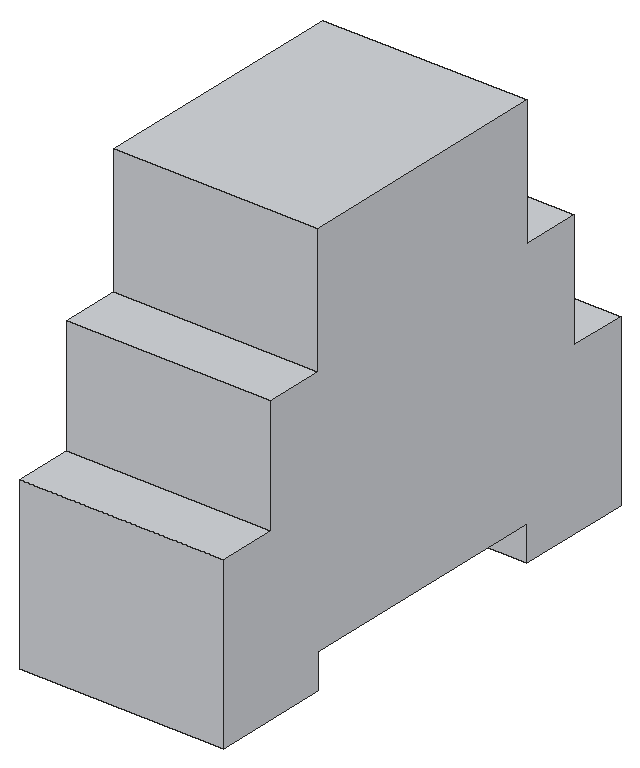
Revit family "Power-ModularDevices-GEWISS-90AM-BELL_BUZZER_TRANSFORMER", category Apparecchi elettrici, host Superficie, Revit 2016 (continued)
Definition of nested family "GENERICO - 90AM SUONERIE RONZATORI CON TRF"
  Automatic sketch dimensions
    curve 138 to curve 138 = 0.519 mm
    curve 116 to curve 118 = 0.519 mm
    curve 164 to curve 166 = 0.519 mm
    curve 162 to curve 161 = 0.519 mm
    curve 114 to curve 114 = 0.519 mm
    curve 63 to curve 57 = 0.748 mm
    curve 161 to curve 160 = 0.519 mm
    curve 137 to curve 137 = 0.519 mm
    curve 189 to curve 190 = 0.519 mm
    curve 141 to curve 142 = 0.519 mm
    curve 117 to curve 119 = 0.519 mm
    curve 165 to curve 167 = 0.519 mm
    curve 113 to curve 113 = 0.519 mm
    curve 112 to curve 119 = 0.215 mm
    curve 136 to curve 136 = 0.215 mm
    curve 160 to curve 167 = 0.215 mm
    curve 64 to curve 55 = 1.661 mm
    curve 63 to curve 65 = 0 mm
    curve 61 to curve 70 = 0.292 mm
    curve 55 to curve 67 = 0.292 mm
    curve 67 to curve 86 = 0.716 mm
    curve 71 to curve 72 = 0.912 mm
    curve 86 to curve 81 = 0.196 mm
    curve 86 to curve 85 = 0.388 mm
    curve 72 to curve 73 = 0.527 mm
    curve 85 to curve 84 = 0.345 mm
    curve 68 to curve 76 = 0.801 mm
    curve 73 to curve 75 = 0.34 mm
    curve 75 to curve 76 = 0.181 mm
    curve 81 to curve 78 = 0.124 mm
    plane 3 "Centro (Sinistra/Destra)" to curve 145 = 0.038 mm
    curve 145 to curve 145 = 0.519 mm
    curve 144 to curve 144 = 0.215 mm
    curve 192 to curve 204 = 3.531 mm
    curve 168 to curve 179 = 3.531 mm
    curve 120 to curve 131 = 3.531 mm
    curve 144 to curve 156 = 3.531 mm
    curve 131 to curve 132 = 0.215 mm
    curve 203 to curve 203 = 0.215 mm
    curve 131 to curve 131 = 0.215 mm
    curve 155 to curve 156 = 0.215 mm
    curve 179 to curve 180 = 0.215 mm
    curve 155 to curve 155 = 0.215 mm
    curve 203 to curve 204 = 0.215 mm
    curve 179 to curve 178 = 0.215 mm
    curve 178 to curve 177 = 0.519 mm
    curve 202 to curve 201 = 0.519 mm
    curve 154 to curve 153 = 0.519 mm
    curve 108 to curve 109 = 0.519 mm
    curve 180 to curve 182 = 0.519 mm
    curve 130 to curve 130 = 0.519 mm
    curve 132 to curve 134 = 0.519 mm
    curve 106 to curve 105 = 0.519 mm
    curve 156 to curve 157 = 0.519 mm
    curve 204 to curve 206 = 0.519 mm
    curve 205 to curve 206 = 0.519 mm
    curve 157 to curve 159 = 0.519 mm
    curve 109 to curve 110 = 0.519 mm
    curve 153 to curve 153 = 0.519 mm
    curve 201 to curve 201 = 0.519 mm
    curve 177 to curve 176 = 0.519 mm
    curve 181 to curve 183 = 0.519 mm
    curve 133 to curve 135 = 0.519 mm
    curve 129 to curve 129 = 0.519 mm
    curve 105 to curve 105 = 0.519 mm
    curve 134 to curve 135 = 0.215 mm
    curve 206 to curve 200 = 0.215 mm
    curve 182 to curve 183 = 0.215 mm
    curve 158 to curve 152 = 0.215 mm
    curve 110 to curve 111 = 0.215 mm
    curve 104 to curve 252 = 3.531 mm
    curve 176 to curve 300 = 3.531 mm
    curve 152 to curve 284 = 3.531 mm
    curve 200 to curve 316 = 3.531 mm
    curve 128 to curve 267 = 3.531 mm
    curve 267 to curve 268 = 0.215 mm
    curve 267 to curve 266 = 0.215 mm
    curve 251 to curve 253 = 0.215 mm
    curve 251 to curve 251 = 0.215 mm
    curve 315 to curve 317 = 0.215 mm
    curve 283 to curve 282 = 0.215 mm
    curve 299 to curve 298 = 0.215 mm
    curve 283 to curve 284 = 0.215 mm
    curve 299 to curve 300 = 0.215 mm
    curve 315 to curve 315 = 0.215 mm
    curve 266 to curve 265 = 0.519 mm
    curve 268 to curve 269 = 0.519 mm
    curve 316 to curve 318 = 0.519 mm
    curve 298 to curve 297 = 0.519 mm
    curve 300 to curve 301 = 0.519 mm
    curve 314 to curve 314 = 0.519 mm
    curve 282 to curve 281 = 0.519 mm
    curve 284 to curve 285 = 0.519 mm
    curve 250 to curve 249 = 0.519 mm
    curve 252 to curve 253 = 0.519 mm
    curve 313 to curve 313 = 0.519 mm
    curve 281 to curve 281 = 0.519 mm
    curve 301 to curve 302 = 0.519 mm
    curve 265 to curve 264 = 0.519 mm
    curve 269 to curve 271 = 0.519 mm
    curve 297 to curve 297 = 0.519 mm
    curve 249 to curve 249 = 0.519 mm
    curve 317 to curve 318 = 0.519 mm
    curve 285 to curve 286 = 0.519 mm
    curve 253 to curve 254 = 0.519 mm
    curve 312 to curve 312 = 0.215 mm
    curve 280 to curve 287 = 0.215 mm
    curve 264 to curve 264 = 0.215 mm
    curve 296 to curve 303 = 0.215 mm
    curve 248 to curve 248 = 0.215 mm
    curve 308 to curve 305 = 0.734 mm
    curve 291 to plane 13 = 3.19 mm
    curve 291 to curve 293 = 0.215 mm
    curve 291 to curve 290 = 0.215 mm
    curve 306 to curve 305 = 0.519 mm
    curve 307 to curve 309 = 0.215 mm
    curve 308 to curve 309 = 0.519 mm
    curve 290 to curve 289 = 0.519 mm
    curve 292 to curve 293 = 0.519 mm
    curve 309 to curve 310 = 0.519 mm
    curve 289 to curve 288 = 0.519 mm
    curve 293 to curve 294 = 0.519 mm
    curve 288 to curve 295 = 0.215 mm
    plane 12 to curve 368 = 4.313 mm
    plane 16 to curve 368 = 4.091 mm
    plane 16 to curve 369 = 4.091 mm
    curve 369 to plane 3 "Centro (Sinistra/Destra)" = 4.67 mm
    plane 3 "Centro (Sinistra/Destra)" to curve 370 = 4.319 mm
    plane 16 to curve 370 = 4.091 mm
    plane 16 to curve 371 = 4.091 mm
    curve 371 to plane 13 = 4.663 mm
    plane 12 to curve 372 = 4.625 mm
    plane 17 to curve 372 = 3.75 mm
    curve 373 to plane 3 "Centro (Sinistra/Destra)" = 4.357 mm
    plane 17 to curve 373 = 3.75 mm
    plane 3 "Centro (Sinistra/Destra)" to curve 374 = 4.632 mm
    plane 17 to curve 374 = 3.75 mm
    curve 375 to plane 13 = 4.35 mm
    plane 17 to curve 375 = 3.75 mm
    radius of curve 368 = 2.5 mm
    radius of curve 369 = 2.5 mm
    radius of curve 370 = 2.5 mm
    radius of curve 371 = 2.5 mm
    radius of curve 372 = 2.5 mm
    radius of curve 373 = 2.5 mm
    radius of curve 374 = 2.5 mm
    radius of curve 375 = 2.5 mm
Definition of nested family "SUONRONZ"
  Reference planes
    plane 1: y = 0
    plane 2: x = 0
  Lines and regions (mm)
    detail lines, not visible
      curve 1: line (0, 0, 0) -> (-0.001, 3.334, 0)
      curve 2: line (0.277, 3.334, 0) -> (-0.278, 3.334, 0)
      curve 3: line (-0.278, 3.334, 0) -> (-0.001, 4.223, 0)
      curve 4: line (-0.001, 4.223, 0) -> (0.277, 3.334, 0)
      curve 5: line (0.277, 3.334, 0) -> (-0.001, 4.223, 0)
      curve 6: line (-0.001, 4.223, 0) -> (-0.278, 3.334, 0)
      curve 7: line (-0.278, 3.334, 0) -> (0.277, 3.334, 0)
      curve 8: line (0.277, 3.334, 0) -> (-0.001, 4.223, 0)
      curve 9: line (-0.001, 4.223, 0) -> (-0.278, 3.334, 0)
      curve 10: line (-0.445, 4.612, 0) -> (0.444, 4.612, 0)
      curve 11: line (0.444, 4.612, 0) -> (0.444, 2.39, 0)
      curve 12: line (0.444, 2.39, 0) -> (-0.445, 2.389, 0)
      curve 13: line (-0.445, 2.389, 0) -> (-0.445, 4.612, 0)
      curve 14: line (5.101, 5.36, 0) -> (5.101, 6.027, 0)
      curve 15: line (4.934, 5.36, 0) -> (5.268, 5.36, 0)
      curve 16: line (4.545, 5.249, 0) -> (5.101, 4.082, 0)
      curve 17: line (5.101, 4.082, 0) -> (5.101, 1.026, 0)
    detail lines
      curve 18: line (0, 0, 0) -> (0, 3.28, 0)
      curve 19: line (0, 3.28, 0) -> (-0.547, 3.28, 0)
      curve 20: line (0, 2.46, 0) -> (-0.547, 2.46, 0)
      curve 21: line (-0.547, 1.859, 0) -> (-0.547, 3.827, 0)
      curve 22: arc (-0.547, 3.827, 0) -> (-1.531, 2.843, 0) -> (-0.547, 1.859, 0) r 0.984
Types (2, lengths in mm): name | URL | Produttore | Modello | Descrizione
  (no name) | 0 | 0 | 0 | 0
  GW96411 - BELL/BUZZER  230V 2M. WITH TRANSFORMER | "https://www.gewiss.com/ww/en" | "GEWISS S.p.A." | "GW96411" | "BELL/BUZZER  230V 2M. WITH TRANSFORMER"
